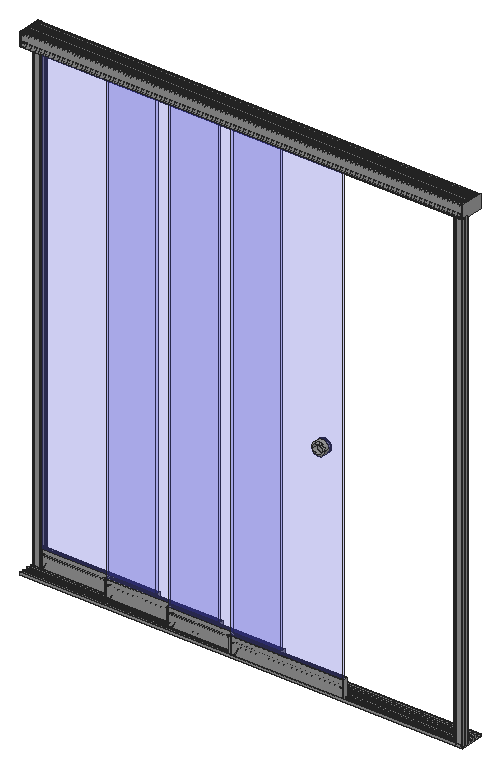
Revit family "SlideTec-Flush Track- 4 Panels-Retracted 1 side", category Generic Models, Revit 2018 (continued)
Definition of nested family "Panel 2"
  Forms (mm)
    Extrusion 2, solid, material <- "Glass"
      sketch origin (-125, 0, 0.163) x (0, 1, 0) y (0, 0, 1)
        loop
          line (5.979, 53.992) -> (5.979, 2000) -> (-6.021, 2000) -> (-6.021, 53.992) -> (-5.021, 52.992) -> (4.979, 52.992) -> (5.979, 53.992)
      from -252.563 to 502.563
  Dimensions and locks
    "Height": plane 6 to plane 2
    locked: plane 7 to plane 4 at 6
    locked: plane 5 to plane 8 at 6
    equal spacing: plane 4, plane 3 "Center (Left/Right)", plane 5
    "Width": plane 7 to plane 8
    aligned and locked: level to plane 2
    aligned and locked: Extrusion 2 to plane 4
    aligned and locked: Extrusion 2 to plane 5
    aligned and locked: nested 2 to plane 7
    aligned and locked: Extrusion 1 to plane 4
    aligned and locked: nested 1 to plane 8
    aligned and locked: Extrusion 1 to plane 5
  Automatic sketch dimensions
    plane 1 "Center (Front/Back)" to Extrusion 1 sketch curve = 9.35 mm
    Extrusion 1 sketch curve to Extrusion 1 sketch curve = 0.5 mm
    plane 1 "Center (Front/Back)" to Extrusion 1 sketch curve = 7.751 mm
    Extrusion 1 sketch curve to Extrusion 1 sketch curve = 1.199 mm
    Extrusion 1 sketch curve to Extrusion 1 sketch curve = 0.401 mm
    plane 1 "Center (Front/Back)" to Extrusion 1 sketch curve = 6.6 mm  (x2)
    Extrusion 1 sketch curve to Extrusion 1 sketch curve = 2.75 mm
    Extrusion 1 sketch curve to Extrusion 1 sketch curve = 0.3 mm  (x6)
    plane 1 "Center (Front/Back)" to Extrusion 1 sketch curve = 4.85 mm
    Extrusion 1 sketch curve to Extrusion 1 sketch curve = 1.442 mm  (x3)
    plane 1 "Center (Front/Back)" to Extrusion 1 sketch curve = 2.5 mm
    Extrusion 1 sketch curve to plane 1 "Center (Front/Back)" = 2.5 mm
    Extrusion 1 sketch curve to Extrusion 1 sketch curve = 0.908 mm
    Extrusion 1 sketch curve to Extrusion 1 sketch curve = 0 mm  (x2)
    Extrusion 1 sketch curve to plane 1 "Center (Front/Back)" = 6.3 mm  (x2)
    level to Extrusion 1 sketch curve = 0.663 mm  (x2)
    Extrusion 1 sketch curve to plane 1 "Center (Front/Back)" = 7.244 mm
    Extrusion 1 sketch curve to Extrusion 1 sketch curve = 0.106 mm
    Extrusion 1 sketch curve to Extrusion 1 sketch curve = 0.4 mm
    Extrusion 1 sketch curve to Extrusion 1 sketch curve = 1.606 mm
    Extrusion 1 sketch curve to Extrusion 1 sketch curve = 3.05 mm
    Extrusion 1 sketch curve to Extrusion 1 sketch curve = 4.319 mm
    Extrusion 1 sketch curve to Extrusion 1 sketch curve = 4.5 mm
    Extrusion 1 sketch curve to Extrusion 1 sketch curve = 0.728 mm
    Extrusion 1 sketch curve to Extrusion 1 sketch curve = 0.726 mm
    Extrusion 1 sketch curve to Extrusion 1 sketch curve = 5.367 mm
    Extrusion 1 sketch curve to Extrusion 1 sketch curve = 32 mm
    Extrusion 1 sketch curve to Extrusion 1 sketch curve = 2.862 mm  (x2)
    Extrusion 1 sketch curve to Extrusion 1 sketch curve = 1.238 mm
    Extrusion 1 sketch curve to Extrusion 1 sketch curve = 1.2 mm  (x2)
    Extrusion 1 sketch curve to Extrusion 1 sketch curve = 3.652 mm  (x2)
    Extrusion 1 sketch curve to Extrusion 1 sketch curve = 0.773 mm  (x10)
    Extrusion 1 sketch curve to Extrusion 1 sketch curve = 5.06 mm  (x4)
    Extrusion 1 sketch curve to Extrusion 1 sketch curve = 3.394 mm  (x2)
    Extrusion 1 sketch curve to Extrusion 1 sketch curve = 4.167 mm  (x2)
    Extrusion 1 sketch curve to Extrusion 1 sketch curve = 3.076 mm  (x2)
    plane 6 to Extrusion 2 sketch curve = 0.163 mm
    plane 1 "Center (Front/Back)" to Extrusion 2 sketch curve = 6.021 mm
    Extrusion 2 sketch curve to Extrusion 2 sketch curve = 1 mm  (x2)
    Extrusion 2 sketch curve to plane 1 "Center (Front/Back)" = 4.979 mm
    Extrusion 2 sketch curve to plane 1 "Center (Front/Back)" = 5.979 mm
    level to Extrusion 2 sketch curve = 54.155 mm
    Extrusion 2 sketch curve to Extrusion 2 sketch curve = 0 mm
  Nested families
    nested 1: "Slider Extrusion End Cap RH & LH" at (383.563, 0, 0) x (0, -1, 0) z (0, 0, 1), type "Slider Extrusion End Cap RH & LH"
    nested 2: "Slider Extrusion End Cap RH & LH" at (-383.563, 0, 0) x (0, 1, 0) z (0, 0, 1), type "Slider Extrusion End Cap RH & LH"
  Definition of nested family "Slider Extrusion End Cap RH & LH"
    Parameters (values of type "Slider Extrusion End Cap RH & LH")
      Framing = none
    Reference planes
      plane 1 "Center (Front/Back)": y = 0
      plane 2: z = 0
      plane 3 "Center (Left/Right)": x = 0
    Forms (mm)
      Extrusion 1, solid, material <- "Framing"
        sketch origin (9.522, -6, 0) x (1, 0, 0) y (0, 1, 0)
          loop
            line (0, 0) -> (-0.051, -14.5) -> (3.708, -14.982) -> (2.849, 6) -> (-19.001, 6) -> (-19.001, 0) -> (0, 0)
        from 0 to 80.905
      Extrusion 2, solid, material <- "Framing"
        sketch origin (9.522, -6, 0) x (0, 1, 0) y (0, 0, 1)
          loop
            line (-31, 43.114) -> (-31, 30.955) -> (-14.14, 0) -> (0, 0) -> (0, 43.655) -> (-31, 43.114)
        from -2.78 to -15.892
      Extrusion 3, void
        sketch origin (12.371, 0, 0) x (-1, 0, 0) y (0, 0, 1)
          loop
            line (9.371, 0) -> (-2.356, 1.188) -> (-2.356, -1.415) -> (21.85, -1.415) -> (21.85, 0.659) -> (15.371, 0) -> (15.371, 8.755)
            arc (15.371, 8.755) -> (12.371, 11.755) -> (9.371, 8.755) r 3
            line (9.371, 8.755) -> (9.371, 0)
        from 0 to -28.971
      Extrusion 4, solid, material <- "Framing"
        sketch origin (6.742, -6, 0) x (0, 1, 0) y (0, 0, 1)
          loop
            line (0, 43.655) -> (-14.5, 43.402) -> (-14.5, -0.888) -> (0, -0.888) -> (0, 43.655)
        from 0 to 2.729
    Cuts and joins
      Extrusion 3 cuts Extrusion 1
      Extrusion 3 cuts Extrusion 2
      Extrusion 3 cuts Extrusion 4
    Dimensions and locks
      aligned and locked: level to plane 2
